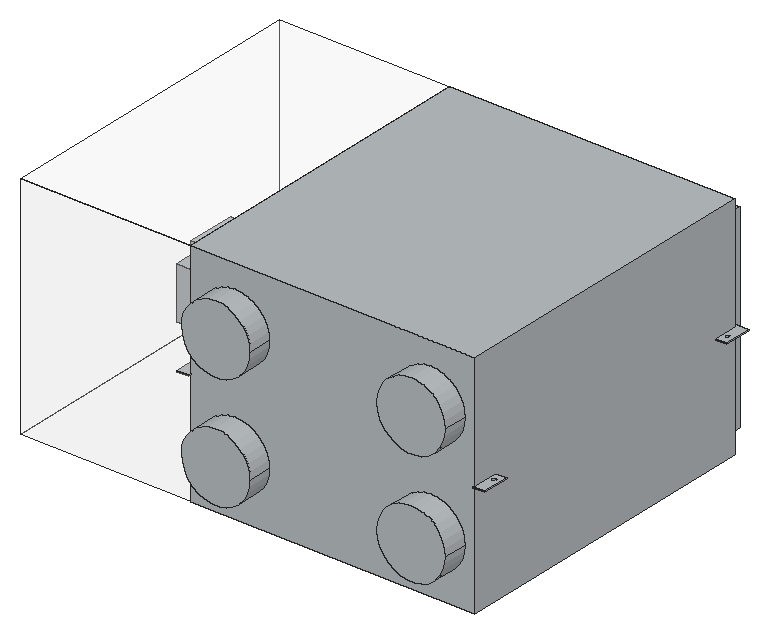
Revit family "4_天井埋込形 標準機種 200V_60Hz", category 機械設備, Revit 2019
Family settings
  丸型コネクタ寸法 = 直径を使用
  パーツ タイプ = 割り込み
  OmniClass 番号 = 23.75.10.34.21
  OmniClass タイトル = Heat Exchangers for Ventilation Air
  作業面ベース = いいえ
  常に垂直 = はい
  ロード時にボイドで切り取り = いいえ
  共有 = いいえ
  部屋計算ポイント = はい
Parameters (values of type "LGH-RN150RXVD")
  騒音レベル(dB(A)) = 38.5
  風量 = MAX風量  # 1500.0 m³/h
  面風速 = 8.5 m/s
  電源種別 [instance] = "一般"
  電圧 = 200 V
  電動機出力 = 0 W
  集中コントローラ = ""
  運転質量 = 0.00 kg
  連動 [instance] = ""
  質量 = if(製品質量 > 運転質量, 製品質量, 運転質量) * 1.2  # 128.40 kg
  負荷分類 = 3_ファン類
  説明 = "業務用ﾛｽﾅｲ 天井埋込形 DCﾘﾌﾟﾚｰｽﾏｲｺﾝ"
  設計風量 = 0.0 m³/h
  設置方法 = "天井吊(隠ぺい)形"
  記号 [instance] = ""
  製造元 = "三菱電機株式会社"
  製品質量 = 107.00 kg
  製品出荷対象 = "国内"
  製品リリース年月 = "2020年7月20日"
  製品グループ = ""
  系統 [instance] = ""
  符号 [instance] = "HEU"
  積算_科目 = "1 空気調和設備"
  積算_拾い区分 [instance] = ""
  相 = 1
  盤記号 [instance] = ""
  発停方法 [instance] = "別売リモコン"
  特殊仕様 [instance] = ""
  点検口高さ = -Height / 2  # -404 mm
  点検口 = yes
  火災停止 [instance] = ""
  温度交換効率_特強 = 74.00%
  温度交換効率_強 = 74.00%
  温度交換効率_弱 = 76.50%
  消費電力 = 900 W
  法定耐用年数 = "15"
  機外静圧_排気 = 275.0 Pa
  機外静圧 = 275.0 Pa
  極数 = 3
  材質 [instance] = ""
  本体マテリアル = 溶融亜鉛めっき鋼板
  操作・制御方式 = ""
  操作・制御スイッチ = ""
  排気量 = 0.0 m³/h
  形式 = "天井埋込ダクト形"
  形名 = LGH-RN-4 : LGH-RN150-4
  幹線記号 [instance] = ""
  対象室 [instance] = ""
  始動方式 [instance] = "直入"
  外気量 = 設計風量  # 0.0 m³/h
  呼称 = "全熱交換ユニット"
  周波数 = 60 Hz
  吊りボルト-W = 1046 mm
  吊りボルト-D = 1030 mm
  参照している仕様書等のバージョン = ""
  初期抵抗 = 0.0 Pa
  分類コード = "50052504100070"
  分類グループ = ""
  価格 = 1040000
  企業コード = "108420"
  付属品_フィルター_還気 = ""
  付属品_フィルター = ""
  付属品 [instance] = ""
  仕様書バージョン = "Version1.0"
  モデル = "LGH-RN150RXVD"
  ドレン管径 = 0 mm
  ダクト径 = 242 mm
  サービススペース = yes
  コメント [instance] = ""
  Keynote = ""
  エンタルピ交換効率_暖房_特強 = 76.00%
  エンタルピ交換効率_暖房_強 = 76.00%
  エンタルピ交換効率_暖房_弱 = 78.50%
  エンタルピ交換効率_冷房_特強 = 66.00%
  エンタルピ交換効率_冷房_強 = 66.00%
  エンタルピ交換効率_冷房_弱 = 68.50%
  Width = 1004 mm
  Version = ""
  Uniclass2015Version = "Systems v1.9"
  Uniclass2015Title = "Thermal wheels"
  Uniclass2015Code = "Pr_60_60_36_88"
  URL = "https://www.mitsubishielectric.co.jp/ldg/wink/ssl/displayProduct.do?pid=306602"
  SpecificationReference = ""
  SpecificationDescription = ""
  SMAX風量 = 1500.0 m³/h
  SMAX静圧 = 275.0 Pa
  SAサイズ_D = 242 mm
  Revision = ""
  RAサイズ_D = 242 mm
  ProductInformation = ""
  OmniClassCode = "23-27 23 19 11"
  OAサイズ_W = 270 mm
  OAサイズ_D = 700 mm
  MIN風量 = 660.0 m³/h
  MIN静圧 = 47.0 Pa
  MID風量 = 1080.0 m³/h
  MID静圧 = 127.0 Pa
  MAX風量 = 1500.0 m³/h
  MAX静圧 = 245.0 Pa
  M2 = 49 mm
  M1 = 84 mm
  IfcTypeProduct = ""
  IfcProduct = ""
  IfcExportType = "ROTARYWHEEL"
  IfcExportAs = "IfcAirToAirHeatRecoveryType"
  Height = 808 mm
  EAサイズ_W = 270 mm
  EAサイズ_D = 700 mm
  Depth = 1144 mm
  Clearance Top = 0 mm  # constant formula
  Clearance Right = 0 mm  # constant formula
  Clearance Left = 600 mm  # constant formula
  Clearance Front = 0 mm  # constant formula
  Clearance Bottom = 0 mm  # constant formula
  Clearance Back = 0 mm  # constant formula
  Author = "三菱電機株式会社"
Types (2, lengths in mm): name | 騒音レベル(dB(A)) | 風量 | 面風速 | 質量 | 製品質量 | 温度交換効率_特強 | 温度交換効率_強 | 温度交換効率_弱 | 消費電力 | 機外静圧_排気 | 機外静圧 | 形名 | 吊りボルト-W | 価格 | モデル | エンタルピ交換効率_暖房_特強 | エンタルピ交換効率_暖房_強 | エンタルピ交換効率_暖房_弱 | エンタルピ交換効率_冷房_特強 | エンタルピ交換効率_冷房_強 | エンタルピ交換効率_冷房_弱 | Width | URL | SMAX風量 | SMAX静圧 | MIN風量 | MIN静圧 | MID風量 | MID静圧 | MAX風量 | MAX静圧
  LGH-RN150RXVD | 38.5 | 1500.0 m³/h | 8.5 m/s | 128.40 kg | 107.00 kg | 74.00% | 74.00% | 76.50% | 900 W | 275.0 Pa | 275.0 Pa | LGH-RN-4 : LGH-RN150-4 | 1046 | 1040000 | "LGH-RN150RXVD" | 76.00% | 76.00% | 78.50% | 66.00% | 66.00% | 68.50% | 1004 | "https://www.mitsubishielectric.co.jp/ldg/wink/ssl/displayProduct.do?pid=306602" | 1500.0 m³/h | 275.0 Pa | 660.0 m³/h | 47.0 Pa | 1080.0 m³/h | 127.0 Pa | 1500.0 m³/h | 245.0 Pa
  LGH-RN200RXVD | 41 | 2000.0 m³/h | 11.3 m/s | 140.40 kg | 117.00 kg | 73.00% | 73.00% | 75.00% | 1160 W | 225.0 Pa | 225.0 Pa | LGH-RN-4 : LGH-RN200-4 | 1273 | 1184000 | "LGH-RN200RXVD" | 75.00% | 75.00% | 76.50% | 65.00% | 65.00% | 67.50% | 1231 | "https://www.mitsubishielectric.co.jp/ldg/wink/ssl/displayProduct.do?pid=306605" | 2000.0 m³/h | 225.0 Pa | 880.0 m³/h | 32.0 Pa | 1440.0 m³/h | 86.0 Pa | 2000.0 m³/h | 165.0 Pa
Reference planes
  plane 1 "中心(正面/背面)": y = 0
  plane 2: z = 0
  plane 3 "中心(左/右)": x = 0
  plane 4 "4": x = 0
  plane 5 "3": x = 0
  plane 6 "左": x = -502
  plane 7 "右": x = 502
  plane 8 "背面": y = 572
  plane 9 "正面": y = -572
  plane 10: z = 404
  plane 11: y = 515
  plane 12: y = -515
  plane 13: x = 523
  plane 14: x = -523
  plane 15: z = -404
  plane 16: z = 404
  plane 17: z = -404
  plane 18: y = 572
  plane 19: x = 502
  plane 20: x = -1102
  plane 21: y = -572
  plane 22: y = 225
  plane 23: x = -652
  plane 24: y = -225
Dimensions and locks
  equal spacing: plane 6 "左", plane 5 "3", plane 7 "右"
  "Width": plane 6 "左" to plane 7 "右"
  equal spacing: plane 9 "正面", plane 1 "中心(正面/背面)", plane 8 "背面"
  "Depth": plane 9 "正面" to plane 8 "背面"
  equal spacing: plane 10, level, plane 15
  "Height": plane 10 to plane 15
  equal spacing: plane 14, plane 5 "3", plane 13
  "吊りボルト-W": plane 14 to plane 13
  equal spacing: plane 12, plane 1 "中心(正面/背面)", plane 11
  "吊りボルト-D": plane 12 to plane 11
  "Clearance Back": plane 8 "背面" to plane 18
  "Clearance Front": plane 21 to plane 9 "正面"
  "Clearance Right": plane 7 "右" to plane 19
  "Clearance Left": plane 20 to plane 6 "左"
  "Clearance Top": plane 16 to plane 10
  "Clearance Bottom": plane 15 to plane 17
  locked: plane 20 to plane 23 at 450
  equal spacing: plane 24, plane 1 "中心(正面/背面)", plane 22
  locked: plane 24 to plane 22 at 450
  aligned and locked: level to plane 2
  aligned and locked: nested 1 to plane 11
  aligned and locked: plane 12 to nested 1
  aligned and locked: plane 14 to nested 1
  aligned and locked: plane 13 to nested 1
  aligned and locked: plane 21 to nested 3
  aligned and locked: plane 20 to nested 3
  aligned and locked: plane 16 to nested 3
  aligned and locked: plane 17 to nested 3
  aligned and locked: plane 1 "中心(正面/背面)" to nested 2
  aligned and locked: nested 2 to plane 5 "3"
  aligned and locked: plane 18 to nested 3
  aligned and locked: plane 6 "左" to nested 3
  aligned and locked: plane 23 to nested 4
  aligned and locked: plane 20 to nested 4
  aligned and locked: nested 4 to plane 24
  aligned and locked: plane 22 to nested 4
Nested families
  nested 1: "固定点" at (-523, -515, 0), type "固定点"
    with W 1046 mm, D 1030 mm
  nested 2: "LGH-RN-4" at (0, 0, -404) x (0, -1, 0) z (0, 0, 1), type <- "形名", type "LGH-RN150-4"
  nested 3: "サービススペース" at (-802, 0, 0), visible <- "サービススペース", type "サービススペース"
    with Width 600 mm, Height 808 mm, Depth 1144 mm
  nested 4: "点検口設置範囲" at (-877, 0, -404), visible <- "点検口", built-in parameter 1001364 <- "点検口高さ", type "点検口設置範囲"
    with Width 450 mm, Depth 450 mm
Connectors
  hvac at (345, -656, 202), driven by "RAサイズ_D", driven by "機外静圧", driven by "風量"
    settings: on nested 2, index 1, duct flow 1500.0 m³/h, flow factor 0, pres drop 275.0 Pa, loss coef 0, conn angle 0.00°, conn width 304.8 mm, conn height 304.8 mm, conn diameter 242 mm, duct sys type 2, conn prof type 0, flow config 0, flow direction 1, loss method 4, conn ref index -1, conn util no, is conn primary yes, conn desc ""
  hvac at (345, -656, -202), driven by "RAサイズ_D", driven by "機外静圧", driven by "風量"
    settings: on nested 2, index 2, duct flow 1500.0 m³/h, flow factor 0, pres drop 275.0 Pa, loss coef 0, conn angle 0.00°, conn width 304.8 mm, conn height 304.8 mm, conn diameter 242 mm, duct sys type 2, conn prof type 0, flow config 0, flow direction 1, loss method 4, conn ref index -1, conn util no, is conn primary no, conn desc ""
  hvac at (-345, -656, 202), driven by "SAサイズ_D", driven by "機外静圧", driven by "風量"
    settings: on nested 2, index 3, duct flow 1500.0 m³/h, flow factor 0, pres drop 275.0 Pa, loss coef 0, conn angle 0.00°, conn width 304.8 mm, conn height 304.8 mm, conn diameter 242 mm, duct sys type 1, conn prof type 0, flow config 0, flow direction 2, loss method 4, conn ref index -1, conn util no, is conn primary no, conn desc ""
  hvac at (-345, -656, -202), driven by "SAサイズ_D", driven by "機外静圧", driven by "風量"
    settings: on nested 2, index 4, duct flow 1500.0 m³/h, flow factor 0, pres drop 275.0 Pa, loss coef 0, conn angle 0.00°, conn width 304.8 mm, conn height 304.8 mm, conn diameter 242 mm, duct sys type 1, conn prof type 0, flow config 0, flow direction 2, loss method 4, conn ref index -1, conn util no, is conn primary no, conn desc ""
  hvac at (345, 621, 0), driven by "機外静圧", driven by "排気量", driven by "EAサイズ_D", driven by "EAサイズ_W"
    settings: on nested 2, index 5, duct flow 0.0 m³/h, flow factor 0, pres drop 275.0 Pa, loss coef 0, conn angle 0.00°, conn width 270 mm, conn height 700 mm, conn diameter 609.6 mm, duct sys type 3, conn prof type 1, flow config 0, flow direction 2, loss method 4, conn ref index -1, conn util no, is conn primary no, conn desc ""
  hvac at (-345, 621, 0), driven by "機外静圧", driven by "外気量", driven by "OAサイズ_W", driven by "OAサイズ_D"
    settings: on nested 2, index 6, duct flow 0.0 m³/h, flow factor 0, pres drop 275.0 Pa, loss coef 0, conn angle 0.00°, conn width 270 mm, conn height 700 mm, conn diameter 609.6 mm, duct sys type 1, conn prof type 1, flow config 0, flow direction 1, loss method 4, conn ref index -1, conn util no, is conn primary no, conn desc ""
  electrical at (-617, -339.5, -176.5), driven by "極数", driven by "負荷分類", driven by "電圧", driven by "消費電力"
    settings: on nested 2, index 7, voltage 200 V, apparent load 900 VA, apparent load phase1 0 VA, apparent load phase2 0 VA, apparent load phase3 0 VA, power factor 1, load classification "3_ファン類", number of poles 3, system type 30, power factor state 1, is connector primary yes, connector utility no, sub classification motor no, connector description ""
Definition of nested family "LGH-RN-4"
  Parameters (values of type "LGH-RN150-4")
    吊りボルト-φ = 13 mm
    吊りボルト-W1 = 1030 mm
    吊りボルト-D1 = 1046 mm
    マテリアル = none
    ダクト間 = 690 mm
    ダクト-W = 270 mm
    ダクト-H = 700 mm
    コントロール手前位置 = 145 mm  # constant formula
    コントロール上位置 = 88 mm  # constant formula
    φ = 242 mm
    Φ = 258 mm
    吊りボルト-H = 0 mm
    M2 = 49 mm
    M1 = 84 mm
    W = 1144 mm
    H = 808 mm
    D = 1004 mm
    CO2センサー手前位置 = 176 mm  # constant formula
    CO2センサー上位置 = 201 mm  # constant formula
  Types (2, lengths in mm): name | 吊りボルト-D1 | ダクト間 | D
    LGH-RN200-4 | 1273 | 917 | 1231
    LGH-RN150-4 | 1046 | 690 | 1004
  Reference planes
    plane 1 "中心(正面/背面)": y = 0
    plane 2: z = 0
    plane 3 "中心(左/右)": x = 0
    plane 4: y = 502
    plane 5: y = 523
    plane 6: y = 543
    plane 7: y = -502
    plane 8: y = -523
    plane 9: y = -543
    plane 10: x = -572
    plane 11: x = 572
    plane 12: z = 404
    plane 13: x = -213
    plane 14: x = 656
    plane 15: x = -621
    plane 16: z = 202
    plane 17: y = 345
    plane 18: y = -345
    plane 19: x = -515
    plane 20: x = 515
    plane 21: x = 190.667
    plane 22: x = -190.667
    plane 23: y = -617
    plane 24: y = -692
    plane 25: x = 427
    plane 26: x = 381.333
    plane 27: x = 252
    plane 28: z = 336.667
    plane 29: z = 269.333
    plane 30: z = 134.667
    plane 31: z = 67.333
    plane 32: x = 396
    plane 33: x = 283
    plane 34: x = -581
    plane 35: x = 581
    plane 36: x = 485
    plane 37: x = -485
    plane 38: z = 404
    plane 39: z = 401
    plane 40: z = 606
    plane 41: z = 471.333
    plane 42: z = 538.667
    plane 43: z = 673.333
    plane 44: z = 740.667
    plane 45: z = 404
    plane 46: z = 808
    plane 47: y = 480
    plane 48: y = 210
    plane 49: y = -210
    plane 50: y = -480
    plane 51: z = 754
    plane 52: z = 54
    plane 53: z = 720
    plane 54: z = 607
    plane 55: z = 425
    plane 56: z = 51
  Forms (mm)
    Extrusion 1, solid, material <- "マテリアル", detail levels fine
      sketch origin (0, 0, 0) x (0, 1, 0) y (0, 0, -1)
        loop
          circle (-345, -202) r 121
        loop
          circle (345, -202) r 121
        loop
          circle (345, -606) r 121
        loop
          circle (-345, -606) r 121
      from -572 to -656
    Extrusion 2, solid, material <- "マテリアル", detail levels fine
      sketch origin (0, 0, 0) x (1, 0, 0) y (0, 1, 0)
        loop
          line (-581, 543) -> (-581, 502) -> (-485, 502) -> (-485, 543) -> (-581, 543)
        loop
          line (-581, -502) -> (-581, -543) -> (-485, -543) -> (-485, -502) -> (-581, -502)
        loop
          line (485, 543) -> (485, 502) -> (581, 502) -> (581, 543) -> (485, 543)
        loop
          line (485, -543) -> (581, -543) -> (581, -502) -> (485, -502) -> (485, -543)
        loop
          circle (-515, 523) r 6.5
        loop
          circle (515, 523) r 6.5
        loop
          circle (-515, -523) r 6.5
        loop
          circle (515, -523) r 6.5
      from 401 to 404
    Extrusion 3, solid, material <- "マテリアル", detail levels fine
      sketch origin (0, 0, 808) x (0, -1, 0) y (1, 0, 0)
        loop
          line (-502, -572) -> (502, -572) -> (502, 572) -> (-502, 572) -> (-502, -572)
      from 0 to -808
    Extrusion 4, solid, material <- "マテリアル", detail levels fine
      sketch origin (0, 0, 0) x (1, 0, 0) y (0, 0, 1)
        loop
          line (252, 720) -> (252, 51) -> (427, 51) -> (427, 720) -> (252, 720)
      from 502 to 617
    Extrusion 5, solid, material <- "マテリアル", detail levels fine
      sketch origin (0, 0, 0) x (1, 0, 0) y (0, 0, 1)
        loop
          line (283, 607) -> (283, 425) -> (396, 425) -> (396, 607) -> (283, 607)
      from 617 to 692
    Extrusion 6, solid, material <- "マテリアル", detail levels fine
      sketch origin (0, 0, 0) x (0, 1, 0) y (0, 0, 1)
        loop
          line (-210, 754) -> (-480, 754) -> (-480, 54) -> (-210, 54) -> (-210, 754)
        loop
          line (210, 754) -> (210, 54) -> (480, 54) -> (480, 754) -> (210, 754)
      from -621 to -572
  Dimensions and locks
    "W": plane 10 to plane 11
    "吊りボルト-D1": plane 8 to plane 5
    "D": plane 7 to plane 4
    equal spacing: plane 7, plane 1 "中心(正面/背面)", plane 4
    equal spacing: plane 10, plane 3 "中心(左/右)", plane 11
    "M2": plane 15 to plane 10
    "M1": plane 11 to plane 14
    equal spacing: plane 8, plane 1 "中心(正面/背面)", plane 5
    equal spacing: plane 18, plane 1 "中心(正面/背面)", plane 17
    "ダクト間": plane 18 to plane 17
    equal spacing: plane 19, plane 3 "中心(左/右)", plane 20
    "吊りボルト-W1": plane 19 to plane 20
    plane 15 to plane 14 = 1277 mm
    equal spacing: plane 10, plane 22, plane 21, plane 11
    plane 11 to plane 21 to plane 22 to plane 10 = 381.333 mm, 381.333 mm, 381.333 mm
    locked: plane 23 to plane 7 at 115
    locked: plane 24 to plane 7 at 190
    equal spacing: plane 12, plane 28, plane 29, plane 16, plane 30, plane 31, level
    locked: plane 5 to plane 6 at 20
    locked: plane 9 to plane 8 at 20
    locked: plane 38 to plane 39 at 3
    "吊りボルト-H": plane 12 to plane 38
    locked: plane 19 to plane 37 at 30
    locked: plane 36 to plane 20 at 30
    locked: plane 34 to plane 10 at 9
    locked: plane 11 to plane 35 at 9
    "H": plane 46 to level
    equal spacing: plane 46, plane 44, plane 43, plane 40, plane 42, plane 41, plane 12
    "吊りボルト-H": plane 45 to plane 12
    equal spacing: plane 48, plane 17, plane 47
    "ダクト-W": plane 48 to plane 47
    equal spacing: plane 50, plane 18, plane 49
    "ダクト-W": plane 50 to plane 49
    equal spacing: plane 51, plane 45, plane 52
    "ダクト-H": plane 51 to plane 52
    locked: plane 33 to plane 32 at 113
    locked: plane 27 to plane 25 at 175
    "CO2センサー手前位置": plane 32 to plane 11
    "コントロール手前位置": plane 25 to plane 11
    locked: plane 53 to plane 56 at 669
    "コントロール上位置": plane 46 to plane 53
    "CO2センサー上位置": plane 46 to plane 54
    locked: plane 54 to plane 55 at 182
    "φ": diameter of Extrusion 1 sketch curve  (x4)
    "吊りボルト-φ": diameter of Extrusion 2 sketch curve  (x4)
    aligned and locked: level to plane 2
    aligned and locked: plane 14 to Extrusion 1
    aligned and locked: plane 18 to Extrusion 1 sketch curve  (x2)
    aligned and locked: plane 16 to Extrusion 1 sketch curve  (x2)
    aligned and locked: plane 17 to Extrusion 1 sketch curve  (x2)
    aligned and locked: plane 6 to Extrusion 2 sketch curve  (x2)
    aligned and locked: plane 34 to Extrusion 2 sketch curve  (x2)
    aligned and locked: Extrusion 2 sketch curve to plane 4  (x2)
    aligned and locked: Extrusion 2 sketch curve to plane 37  (x2)
    aligned and locked: plane 7 to Extrusion 2 sketch curve
    aligned and locked: Extrusion 2 sketch curve to plane 9
    aligned and locked: Extrusion 2 sketch curve to plane 35
    aligned and locked: plane 9 to Extrusion 2 sketch curve
    aligned and locked: Extrusion 2 sketch curve to plane 7
    aligned and locked: plane 35 to Extrusion 2 sketch curve
    aligned and locked: plane 8 to Extrusion 2 sketch curve  (x2)
    aligned and locked: plane 5 to Extrusion 2 sketch curve  (x2)
    aligned and locked: plane 19 to Extrusion 2 sketch curve  (x2)
    aligned and locked: plane 20 to Extrusion 2 sketch curve  (x2)
    aligned and locked: Extrusion 2 to plane 39
    aligned and locked: plane 38 to Extrusion 2
    aligned and locked: Extrusion 2 sketch curve to plane 36  (x2)
    aligned and locked: Extrusion 3 to plane 46
    aligned and locked: plane 27 to Extrusion 4 sketch curve
    aligned and locked: plane 7 to Extrusion 4
    aligned and locked: plane 23 to Extrusion 4
    aligned and locked: plane 33 to Extrusion 5 sketch curve
    aligned and locked: Extrusion 5 sketch curve to plane 32
    aligned and locked: plane 23 to Extrusion 5
    aligned and locked: plane 24 to Extrusion 5
    aligned and locked: plane 40 to Extrusion 1 sketch curve  (x2)
    aligned and locked: plane 51 to Extrusion 6 sketch curve
    aligned and locked: Extrusion 6 sketch curve to plane 51
    aligned and locked: Extrusion 6 sketch curve to plane 52  (x2)
    aligned and locked: Extrusion 6 sketch curve to plane 47
    aligned and locked: Extrusion 6 sketch curve to plane 48
    aligned and locked: Extrusion 6 sketch curve to plane 49
    aligned and locked: Extrusion 6 sketch curve to plane 50
    aligned and locked: Extrusion 6 to plane 15
    aligned and locked: plane 10 to Extrusion 6
    aligned and locked: plane 55 to Extrusion 5 sketch curve
    aligned and locked: Extrusion 5 sketch curve to plane 54
    aligned and locked: Extrusion 4 sketch curve to plane 53
    aligned and locked: Extrusion 3 to level
    aligned and locked: Extrusion 4 to plane 56
    aligned and locked: Extrusion 1 to plane 11
  Automatic sketch dimensions
    plane 4 to Extrusion 3 sketch curve = 0 mm
    plane 7 to Extrusion 3 sketch curve = 0 mm
    Extrusion 3 sketch curve to plane 10 = 0 mm
    Extrusion 3 sketch curve to plane 11 = 0 mm
    Extrusion 4 sketch curve to plane 12 = 353 mm
    Extrusion 4 sketch curve to plane 25 = 0 mm
Definition of nested family "サービススペース"
  Parameters (values of type "サービススペース")
    Width [instance] = 500 mm
    Height [instance] = 500 mm
    Depth [instance] = 500 mm
  Reference planes
    plane 1 "中心(正面/背面)": y = 0
    plane 2: z = 0
    plane 3 "中心(左/右)": x = 0
    plane 4: y = -250
    plane 5: x = 250
    plane 6: y = 250
    plane 7: x = -250
    plane 8: z = 250
    plane 9: z = -250
  Forms (mm)
    Extrusion 1, solid
      sketch origin (-638.939, 0, 72.39) x (1, 0, 0) y (0, 1, 0)
        loop
          line (388.939, 250) -> (388.939, -250) -> (888.939, -250) -> (888.939, 250) -> (388.939, 250)
      from -322.39 to 177.61
  Lines and regions (mm)
    symbolic lines
      curve 1: line (-250, 0, 250) -> (250, 0, 250)
      curve 2: line (-250, 0, -250) -> (-250, 0, 250)
      curve 3: line (250, 0, -250) -> (-250, 0, -250)
      curve 4: line (250, 0, 250) -> (250, 0, -250)
      curve 5: line (0, -250, 250) -> (0, 250, 250)
      curve 6: line (0, -250, -250) -> (0, -250, 250)
      curve 7: line (0, 250, -250) -> (0, -250, -250)
      curve 8: line (0, 250, 250) -> (0, 250, -250)
      curve 9: line (-250, 250, 0) -> (250, 250, 0)
      curve 10: line (-250, -250, 0) -> (-250, 250, 0)
      curve 11: line (250, -250, 0) -> (-250, -250, 0)
      curve 12: line (250, 250, 0) -> (250, -250, 0)
  Dimensions and locks
    equal spacing: plane 7, plane 3 "中心(左/右)", plane 5
    equal spacing: plane 4, plane 1 "中心(正面/背面)", plane 6
    "Depth": plane 4 to plane 6
    "Width": plane 7 to plane 5
    equal spacing: plane 8, plane 2, plane 9
    "Height": plane 8 to plane 9
    aligned and locked: plane 9 to curve 3
    aligned and locked: plane 7 to curve 2
    aligned and locked: curve 4 to plane 5
    aligned and locked: plane 5 to Extrusion 1
    aligned and locked: Extrusion 1 to plane 7
    aligned and locked: Extrusion 1 to plane 9
    aligned and locked: plane 8 to Extrusion 1
    aligned and locked: plane 9 to curve 7
  Automatic sketch dimensions
    plane 4 to Extrusion 1 sketch curve = 0 mm
    Extrusion 1 sketch curve to plane 7 = 0 mm
    Extrusion 1 sketch curve to plane 5 = 0 mm
    plane 6 to Extrusion 1 sketch curve = 0 mm
    curve 2 to plane 8 = 0 mm
    plane 4 to curve 11 = 0 mm
    curve 11 to plane 7 = 0 mm
    curve 11 to plane 5 = 0 mm
    plane 6 to curve 10 = 0 mm
    curve 7 to plane 4 = 0 mm
    curve 7 to plane 6 = 0 mm
    curve 6 to plane 8 = 0 mm
Definition of nested family "固定点"
  Parameters (values of type "固定点")
    中心円 = 11 mm
    W [instance] = 1000 mm
    D [instance] = 1000 mm
  Reference planes
    plane 1 "中心(正面/背面)": y = 0
    plane 2: z = 0
    plane 3 "中心(左/右)": x = 0
    plane 4: x = 1000
    plane 5: y = 1000
  Lines and regions (mm)
    symbolic lines, detail levels fine
      curve 1: circle (0, 1000, 0) r 5.5 normal (0, 0, 1)
      curve 2: circle (0, 0, 0) r 5.5 normal (0, 0, 1)
      curve 3: circle (1000, 1000, 0) r 5.5 normal (0, 0, 1)
      curve 4: circle (1000, 0, 0) r 5.5 normal (0, 0, 1)
      curve 5: line (-200, 1000, 0) -> (1200, 1000, 0)
      curve 6: line (-200, 0, 0) -> (1200, 0, 0)
      curve 7: line (0, 1200, 0) -> (0, -200, 0)
      curve 8: line (1000, 1200, 0) -> (1000, -200, 0)
  Dimensions and locks
    "W": plane 3 "中心(左/右)" to plane 4
    "D": plane 1 "中心(正面/背面)" to plane 5
    "中心円": diameter of curve 1
    "中心円": diameter of curve 2
    "中心円": diameter of curve 3
    "中心円": diameter of curve 4
    aligned and locked: level to plane 2
    aligned and locked: plane 5 to curve 1
    aligned and locked: plane 3 "中心(左/右)" to curve 1
    aligned and locked: plane 3 "中心(左/右)" to curve 2
    aligned and locked: plane 1 "中心(正面/背面)" to curve 2
    aligned and locked: plane 4 to curve 3
    aligned and locked: plane 5 to curve 3
    aligned and locked: plane 1 "中心(正面/背面)" to curve 4
    aligned and locked: plane 4 to curve 4
    aligned and locked: plane 1 "中心(正面/背面)" to curve 6
    aligned and locked: curve 7 to plane 3 "中心(左/右)"
    aligned and locked: curve 8 to plane 4
  Automatic sketch dimensions
    curve 5 to plane 5 = 0 mm
    curve 6 to plane 3 "中心(左/右)" = 200 mm
    curve 5 to plane 3 "中心(左/右)" = 200 mm
    curve 4 to curve 6 = 200 mm
    curve 3 to curve 5 = 200 mm
    plane 1 "中心(正面/背面)" to curve 8 = 200 mm
    plane 1 "中心(正面/背面)" to curve 7 = 200 mm
    curve 3 to curve 8 = 200 mm
    curve 1 to curve 7 = 200 mm
Definition of nested family "点検口設置範囲"
  Parameters (values of type "点検口設置範囲")
    Width [instance] = 1000 mm
    Depth [instance] = 700 mm
  Reference planes
    plane 1 "中心(正面/背面)": y = 0
    plane 2: z = 0
    plane 3 "中心(左/右)": x = 0
    plane 4: x = -500
    plane 5: x = 500
    plane 6: y = -350
    plane 7: y = 350
  Lines and regions (mm)
    model lines
      curve 1: line (-500, 350, 0) -> (500, 350, 0)
      curve 2: line (-500, -350, 0) -> (-500, 350, 0)
      curve 3: line (500, -350, 0) -> (-500, -350, 0)
      curve 4: line (500, 350, 0) -> (500, -350, 0)
  Dimensions and locks
    "Depth": plane 7 to plane 6
    "Width": plane 4 to plane 5
    equal spacing: plane 7, plane 1 "中心(正面/背面)", plane 6
    equal spacing: plane 4, plane 3 "中心(左/右)", plane 5
    aligned and locked: level to plane 2
    aligned and locked: plane 4 to curve 2
    aligned and locked: curve 1 to plane 7
    aligned and locked: curve 4 to plane 5
    aligned and locked: plane 6 to curve 3
